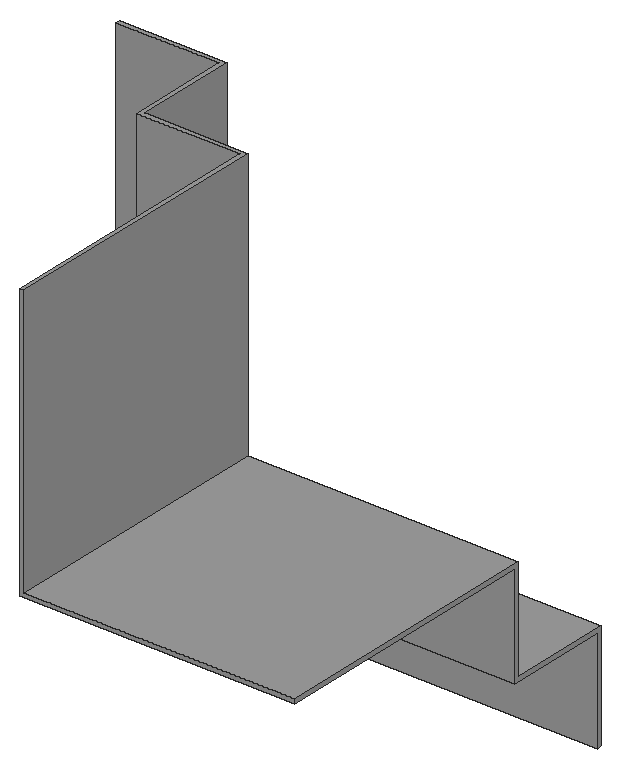
Revit family "Flashing_Preformed_Hyload_Type-W4", category Generic Models, Revit 2015
Parameters (values of type "As Specified")
  Unit Width = 0' - 7 1/8"
  Unit Height = 0' - 1 1/2"
  Unit Depth = 0' - 6"
  URL = "http://www.hyload.com/"
  Thickness = 0' - 0 1/16"
  Specification = "http://www.arcat.com/sdspecs/htm04/07_65_00hyl.htm"
  Sales Information = "http://www.hyload.com/contact-us"
  Revision = "R1_12-2015"
  Product Properties = "http://www.hyload.com/masonry-flashing/preformed-shapes/"
  Product Data = "http://www.arcat.com/arcatcos/cos33/arc33176.html"
  Model = "Type W4"
  Manufacturer Website = "http://www.hyload.com/"
  Manufacturer Phone - Toll Free = "800-457-4056"
  Manufacturer Phone = "330-769-3546"
  Manufacturer Fax = "330-769-4153"
  Manufacturer Address = "5020 Panther Pkwy., Seville, OH 44273"
  Manufacturer = "Hyload"
  Keynote = "07 65 00"
  Flashing Material = Hyload Flashing Membrane - Grey
  Drawn By = "Robert S. Weygant / Sumex Design"
  Description = "Preformed Hyload Masonry Flashing - Type W4"
  Copyright = "(c) ARCAT, Inc, 2015"
  Construction Details = "http://www.arcat.com/details/hyload/hyload.html?coid=33176"
  Assembly Code = "B3010400"
Reference planes (in)
  plane 1 "Center (Front/Back)": y = 0
  plane 2: z = 0
  plane 3 "Center (Left/Right)": x = 0
  plane 4: x = 5.5
  plane 5: z = 1.5
  plane 6: y = -1.5
  plane 7: z = 7
  plane 8: z = 3
  plane 9: y = -5.5
Forms (in)
  Sweep 1, solid, material "Hyload Flashing Membrane - Grey" <- "Flashing Material"
    path origin (0, 0, 0) x (1, 0, 0) y (0, 0, 1)
      loop
        line (5.5, 1.5) -> (0, 1.5) -> (0, 7)
    profile origin (2.75, 0, 1.5) x (0, 0, -1) y (0, -1, 0)
      loop
        line (0, 0) -> (0, 1.5) -> (-1.5, 1.5) -> (-1.5, 5.5) -> (-1.5625, 5.5) -> (-1.5625, 1.4375) -> (-0.0625, 1.4375) -> (-0.0625, -0.0625) -> (1.5, -0.0625) -> (1.5, 0) -> (0, 0)
Dimensions and locks (in)
  "Unit Height": plane 5 to level
  plane 1 "Center (Front/Back)" to plane 6 = 0' - 1 1/2"
  plane 7 to level = 0' - 7"
  plane 4 to plane 3 "Center (Left/Right)" = 0' - 5 1/2"
  "Thickness": Sweep 1 sketch curve to Sweep 1 sketch curve
  plane 8 to plane 5 = 0' - 1 1/2"
  "Thickness": Sweep 1 sketch curve to plane 6
  "Thickness": Sweep 1 sketch curve to plane 5
  "Thickness": Sweep 1 sketch curve to plane 1 "Center (Front/Back)"
  plane 6 to plane 9 = 0' - 4"
  aligned and locked: plane 2 to level
  aligned and locked: plane 3 "Center (Left/Right)" to Sweep 1 sketch curve
  aligned and locked: plane 5 to Sweep 1 sketch curve  (x2)
  aligned and locked: Sweep 1 sketch curve to plane 6
  aligned and locked: Sweep 1 sketch curve to level
  aligned and locked: plane 7 to Sweep 1 sketch curve
  aligned and locked: Sweep 1 sketch curve to plane 8
  aligned and locked: plane 9 to Sweep 1 sketch curve
Automatic sketch dimensions
  Sweep 1 sketch curve to plane 4 = 0' - 0"
  Sweep 1 sketch curve to plane 1 "Center (Front/Back)" = 0' - 0"
